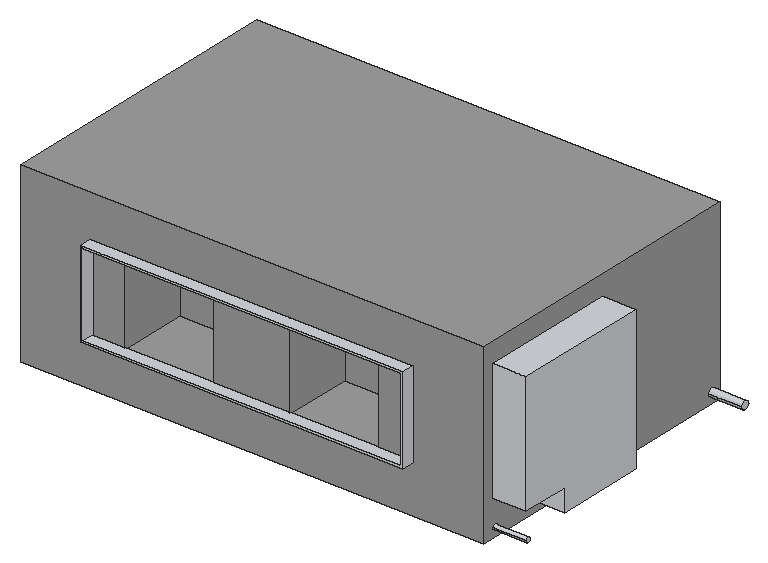
Revit family "Trane_TVR_Indoor_High static pressure_4TVA0068(85,95)EF000AA(2nd DC)", category Equipamento mecânico, Revit 2019
Family settings
  Cota do conector redondo = Utilizar diâmetro
  Tipo de parte = Normal
  Número OmniClass = 23.75.00.00
  Título OmniClass = Climate Control (HVAC)
  Com base no plano de trabalho = Não
  Sempre na vertical = Sim
  Corte com vazios quando carregada = Não
  Compartilhado = Não
  Ponto de cálculo do ambiente = Não
Parameters (values of type "4TVA0095EF000AA")
  clearance access right = 600.000 mm
  clearance access left = 600.000 mm
  clearance access front = 500.000 mm
  clearance access behind = 600.000 mm
  clearance [instance] = no
  Width = 1454.000 mm
  URL = "https://www.trane.com/commercial/latin-america/br/pt.html"
  Series = "Ultra"
  Power supply = "220-240V ~50/60Hz"
  Net Weight = 130.00 kg
  Modelo = "4TVA0095EF000AA"
  Minimum Circuit Amps = 5.2 A
  Maximum Fuse Amps = 15 A
  Fabricante = "Trane"
  Liquid pipe = 12.700 mm
  Installation = "Indoor installation"
  Height = 515.000 mm
  Heating Power Input = 850.000 W
  Heating Capacity = 31.50 kW
  Gas pipe = 22.200 mm
  Gas = "R410a"
  Descrição = "High efficiency air cooled"
  Depth = 931.000 mm
  Cooling Power Input = 850.000 W
  Cooling Capacity = 28.00 kW
  Condensation = "air"
  Air  Flow = "4330/4230/4130/4030/3930/3830/3730 m3/h"
Types (4, lengths in mm): name | Modelo | Heating Power Input | Heating Capacity | Cooling Power Input | Cooling Capacity
  (no name) | "4TVA0095EF000AA" | 850.000 W | 31.50 kW | 850.000 W | 28.00 kW
  4TVA0068EF000AA | "4TVA0068EF000AA" | 990.000 W | 20.00 kW | 990.000 W | 22.50 kW
  4TVA0085EF000AA | "4TVA0085EF000AA" | 1200.000 W | 26.00 kW | 1200.000 W | 25.00 kW
  4TVA0095EF000AA | "4TVA0095EF000AA" | 850.000 W | 31.50 kW | 850.000 W | 28.00 kW
Reference planes
  plane 1 "Center (Front/Back)": y = 0
  plane 2: z = 0
  plane 3 "Center (Left/Right)": x = 0
  plane 4: z = 515
  plane 5: y = 428.927
Forms (mm)
  Extrusion 1, solid, material "Default"
    sketch origin (0, 0, 0) x (1, 0, 0) y (0, 1, 0)
      loop
        line (-677, 398.927) -> (-677, -464.5) -> (677, -464.5) -> (677, 398.927) -> (-677, 398.927)
    from 0 to 515
  Extrusion 2, void
    sketch origin (0, 0, 0) x (1, 0, 0) y (0, 0, 1)
      loop
        line (-371, 393) -> (-371, 140) -> (-111, 140) -> (-111, 393) -> (-371, 393)
      loop
        line (371, 140) -> (371, 393) -> (111, 393) -> (111, 140) -> (371, 140)
    from 265 to 464.5
  Extrusion 3, solid
    sketch origin (0, 0, 0) x (0, 1, 0) y (0, 0, 1)
      loop
        line (-434.5, 458.781) -> (-434.5, 107.208) -> (-294.5, 107.208) -> (-294.5, 41.77) -> (-34.5, 41.77) -> (-34.5, 458.781) -> (-434.5, 458.781)
    from 677 to 777
  Extrusion 4, solid
    sketch origin (0, -52.078, -232.901) x (0, 1, 0) y (0, 0, 1)
      loop
        circle (-374.345, 260.518) r 6.35
    from 677 to 777
  Extrusion 5, solid
    sketch origin (0, 740.525, -291.246) x (0, 1, 0) y (0, 0, 1)
      loop
        circle (-374.825, 323.782) r 11.1
    from 677 to 777
  Extrusion 6, solid
    sketch origin (0, 0, 0) x (1, 0, 0) y (0, 0, 1)
      loop
        line (-471, 393) -> (-471, 140) -> (471, 140) -> (471, 393) -> (-471, 393)
      loop
        line (-466, 388) -> (-466, 145) -> (466, 145) -> (466, 388) -> (-466, 388)
    from 464.5 to 502.073
  Extrusion 7, solid
    sketch origin (0, 0, 0) x (1, 0, 0) y (0, 0, 1)
      loop
        line (540, 381.77) -> (-525, 381.77) -> (-525, 41.77) -> (540, 41.77) -> (540, 381.77)
      loop
        line (535, 376.77) -> (-520, 376.77) -> (-520, 46.77) -> (535, 46.77) -> (535, 376.77)
    from -428.927 to -398.927
Cuts and joins
  Extrusion 2 cuts Extrusion 1
Dimensions and locks
  aligned and locked: level to plane 2
Connectors
  piping at (777, -426.423, 27.617), diameter 12.7
    settings: on Extrusion 4, index 2, connector inside diameter 1/2", connector length 0.000 mm, flow factor 0, pipe flow 0 GPM, pressure drop 0.00 psi, fitting loss kfactor 0, connector angle 0.00°, fixture units 0, engagement length 0.000 mm, angle of deflection 0.00°, flow configuration 0, flow direction 0, fitting loss method 0, system type 29, joint type 0, gender type 0, connector reference index -1, connector utility 0, adjustable connector no, is connector primary yes, connector description "Liquid pipe"
  piping at (777, 365.7, 32.536), diameter 22.2
    settings: on Extrusion 5, index 3, connector inside diameter 0.87402", connector length 0.000 mm, flow factor 0, pipe flow 0 GPM, pressure drop 0.00 psi, fitting loss kfactor 0, connector angle 0.00°, fixture units 0, engagement length 0.000 mm, angle of deflection 0.00°, flow configuration 0, flow direction 0, fitting loss method 0, system type 29, joint type 0, gender type 0, connector reference index -1, connector utility 0, adjustable connector no, is connector primary no, connector description "Gas pipe"
  hvac at (0, -502.073, 266.5)
    settings: on Extrusion 6, index 4, duct flow 0.00 m³/h, flow factor 0, pres drop 0.00 in-wg, loss coef 0, conn angle 0.00°, conn width 36.69291", conn height 9.56693", conn diameter 24", duct sys type 1, conn prof type 1, flow config 0, flow direction 0, loss method 0, conn ref index -1, conn util no, is conn primary yes, conn desc ""
  hvac at (7.5, 428.927, 211.77)
    settings: on Extrusion 7, index 5, duct flow 0.00 m³/h, flow factor 0, pres drop 0.00 in-wg, loss coef 0, conn angle 0.00°, conn width 41.53543", conn height 12.99213", conn diameter 24", duct sys type 1, conn prof type 1, flow config 0, flow direction 0, loss method 0, conn ref index -1, conn util no, is conn primary no, conn desc ""
  electrical at (777, -254.5, 202.586)
    settings: on Extrusion 3, index 6, voltage 220 V, apparent load 0 VA, apparent load phase1 0 VA, apparent load phase2 0 VA, apparent load phase3 0 VA, power factor 1, load classification "Other", number of poles 1, system type 30, power factor state 1, is connector primary yes, connector utility no, sub classification motor no, connector description ""
